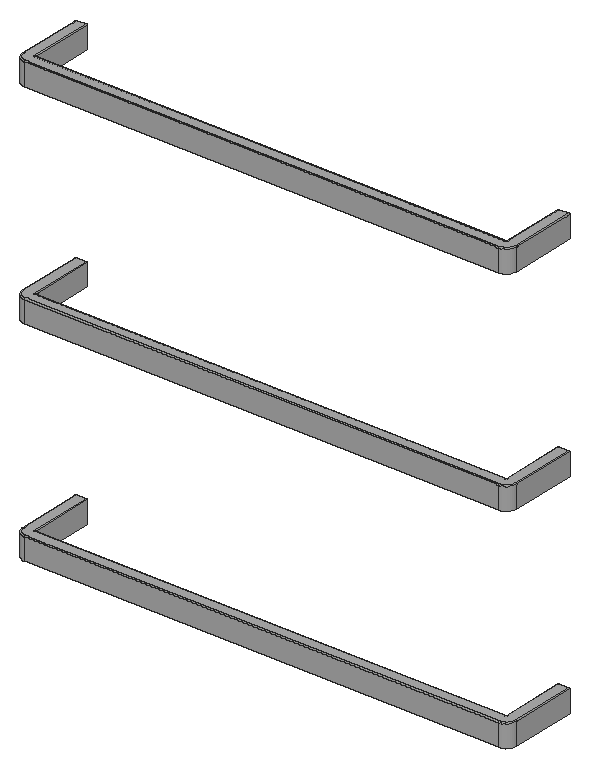
Revit family "Reece_Accessory_Mizu_Stream_Heated Towel Rail_Triple Pack", category Plumbing Fixtures, Revit 2018
Family settings
  Round Connector Dimension = Use Diameter
  Part Type = Normal
  Work Plane-Based = Yes
  Always vertical = Yes
  Cut with Voids When Loaded = Yes
  Shared = Yes
  Room Calculation Point = Yes
Parameters (values of type "650 mm x 100 mm_Brushed Stainless Steel")
  URL = "https://www.reece.com.au/product/-2007476"
  Type Comments = "Accessory"
  Reece_Product_Web Page = "https://www.reece.com.au/product/-2007476"
  Reece_Product_Type = "Accessory"  # constant formula
  Reece_Product_Sub Brand = "Stream"  # constant formula
  Reece_Product_Number = "2007476"
  Reece_Product_Mount = "Wall Mounted"
  Reece_Product_Description = "Mizu Stream Heated Towel Rail 650mm (Triple Pack) Brushed Stainless Steel"
  Reece_Product_Brand = "Mizu"  # constant formula
  Reece_Overall_Width = 650.0 mm
  Reece_Overall_Height = 30.0 mm  # constant formula
  Reece_Top_Rail_Fixing_Distance [instance] = if(Reece_Top_Rail_Offset < 25.0 mm, 25.0 mm, Reece_Top_Rail_Offset)  # 250.0 mm
  Reece_Height_From_Level [instance] = if(Reece_Bottom_Offset < 600.0 mm, 600.0 mm, Reece_Bottom_Offset)  # 600.0 mm
  Reece_Detail_Disclaimer = "THIS FILE IS THE PROPERTY OF THE REECE GROUP. IT MAY NOT BE REPRODUCED, REVERSE-ENGINEERED OR MODIFIED. ANY REPUBLICATION, TRANSMISSION OR DISTRIBUTION FOR THE PURPOSE OF COMMERCIALLY EXPLOITING THE FILES IS PROHIBITED."  # constant formula
  Reece_Bottom_Offset [instance] = 600.0 mm
  Reece_Middle_Rail_Fixing_Distance [instance] = if(Reece_Middle_Rail_Offset < 25.0 mm, 25.0 mm, Reece_Middle_Rail_Offset)  # 250.0 mm
  Reece_Material_Main = Reece_Metal_Brushed Stainless Steel
  Reece_Top_Rail_Offset [instance] = 250.0 mm
  Reece_Middle_Rail_Offset [instance] = 250.0 mm
  Reece_Detail_Installation = "Heated Towel Rail"  # constant formula
  Reece_Detail_Additional = "Triple Pack"  # constant formula
  Reece_Accessory_Projection = 100.0 mm  # constant formula
  Model = "Stream"
  Manufacturer = "Mizu"
  Keynote = "Product #2007476, Reece_Accessory_Mizu_Stream_Heated Towel Rail_Triple Pack - 650 mm x 100 mm_Brushed Stainless Steel"
  Disclaimer = "THIS FILE IS THE PROPERTY OF THE REECE GROUP. IT MAY NOT BE REPRODUCED, REVERSE-ENGINEERED OR MODIFIED. ANY REPUBLICATION, TRANSMISSION OR DISTRIBUTION FOR THE PURPOSE OF COMMERCIALLY EXPLOITING THE FILES IS PROHIBITED."  # constant formula
  Description = "Mizu Stream Heated Towel Rail 650mm (Triple Pack) Brushed Stainless Steel"
  Default Elevation = 0.0 mm
Types (6, lengths in mm): name | URL | Reece_Product_Web Page | Reece_Product_Number | Reece_Product_Description | Reece_Overall_Width | Reece_Material_Main | Keynote | Description
  650 mm x 100 mm_Brushed Stainless Steel | "https://www.reece.com.au/product/-2007476" | "https://www.reece.com.au/product/-2007476" | "2007476" | "Mizu Stream Heated Towel Rail 650mm (Triple Pack) Brushed Stainless Steel" | 650.0 | Reece_Metal_Brushed Stainless Steel | "Product #2007476, Reece_Accessory_Mizu_Stream_Heated Towel Rail_Triple Pack - 650 mm x 100 mm_Brushed Stainless Steel" | "Mizu Stream Heated Towel Rail 650mm (Triple Pack) Brushed Stainless Steel"
  650 mm x 100 mm_Matte Black | "https://www.reece.com.au/product/-2007478" | "https://www.reece.com.au/product/-2007478" | "2007478" | "Mizu Stream Heated Towel Rail 650mm (Triple Pack) Matte Black" | 650.0 | Reece_Metal_Stainless Steel_Matte Black | "Product #2007478, Reece_Accessory_Mizu_Stream_Heated Towel Rail_Triple Pack - 650 mm x 100 mm_Matte Black" | "Mizu Stream Heated Towel Rail 650mm (Triple Pack) Matte Black"
  650 mm x 100 mm_Polished Stainless Steel | "https://www.reece.com.au/product/-2007474" | "https://www.reece.com.au/product/-2007474" | "2007474" | "Mizu Stream Heated Towel Rail 650mm (Triple Pack) Polished Stainless Steel" | 650.0 | Reece_Metal_Stainless Steel_Polished | "Product #2007474, Reece_Accessory_Mizu_Stream_Heated Towel Rail_Triple Pack - 650 mm x 100 mm_Polished Stainless Steel" | "Mizu Stream Heated Towel Rail 650mm (Triple Pack) Polished Stainless Steel"
  850 mm x 100 mm_Brushed Stainless Steel | "https://www.reece.com.au/product/-2007477" | "https://www.reece.com.au/product/-2007477" | "2007477" | "Mizu Stream Heated Towel Rail 850mm (Triple Pack) Brushed Stainless Steel" | 850.0 | Reece_Metal_Brushed Stainless Steel | "Product #2007477, Reece_Accessory_Mizu_Stream_Heated Towel Rail_Triple Pack - 850 mm x 100 mm_Brushed Stainless Steel" | "Mizu Stream Heated Towel Rail 850mm (Triple Pack) Brushed Stainless Steel"
  850 mm x 100 mm_Matte Black | "https://www.reece.com.au/product/-2007479" | "https://www.reece.com.au/product/-2007479" | "2007479" | "Mizu Stream Heated Towel Rail 850mm (Triple Pack) Matte Black" | 850.0 | Reece_Metal_Stainless Steel_Matte Black | "Product #2007479, Reece_Accessory_Mizu_Stream_Heated Towel Rail_Triple Pack - 850 mm x 100 mm_Matte Black" | "Mizu Stream Heated Towel Rail 850mm (Triple Pack) Matte Black"
  850 mm x 100 mm_Polished Stainless Steel | "https://www.reece.com.au/product/-2007475" | "https://www.reece.com.au/product/-2007475" | "2007475" | "Mizu Stream Heated Towel Rail 850mm (Triple Pack) Polished Stainless Steel" | 850.0 | Reece_Metal_Stainless Steel_Polished | "Product #2007475, Reece_Accessory_Mizu_Stream_Heated Towel Rail_Triple Pack - 850 mm x 100 mm_Polished Stainless Steel" | "Mizu Stream Heated Towel Rail 850mm (Triple Pack) Polished Stainless Steel"
Reference planes
  plane 1 "Center (Front/Back)": y = 0
  plane 2 "Bottom Host Plane": z = -5
  plane 3 "Center (Left/Right)": x = 0
  plane 4 "Fixing Point": z = 615
  plane 5 "Edge 1": x = -325
  plane 6 "Edge 2": x = 325
  plane 7: y = -100
  plane 8: y = -13
  plane 9: y = -85
  plane 10: z = 630
  plane 11: z = 600
  plane 12 "Fixing Point 2": z = 880
  plane 13: z = 1160
  plane 14: z = 910
  plane 15: z = 1190
Lines and regions (mm)
  model lines, style "InvisibleLines"
    curve 1: line (0, 0, -5) -> (0, 0, 600)
Text (mm)
  text "Reece ©" at (2943.753, -2068.85, 3004.21), in view "Reece Preview"
  text "Reece Copyright © 2018, Reece Ltd." at (-676.791, -662.498, 0), in view "Ref. Level"
Dimensions and locks
  locked: plane 2 "Bottom Host Plane" to level at 5
  "Reece_Overall_Width": plane 5 "Edge 1" to plane 6 "Edge 2"
  plane 1 "Center (Front/Back)" to plane 7 = 100.0 mm
  equal spacing: plane 5 "Edge 1", plane 3 "Center (Left/Right)", plane 6 "Edge 2"
  plane 11 to plane 10 = 30.0 mm  (x2)
  plane 1 "Center (Front/Back)" to plane 8 = 13.0 mm  (x2)
  "Reece_Height_From_Level": plane 11 to level
  equal spacing: plane 11, plane 4 "Fixing Point", plane 10
  locked: plane 14 to plane 12 "Fixing Point 2" at 30
  plane 15 to plane 13 = 30.0 mm  (x3)
  plane 15 to level = 1190.0 mm
  "Reece_Middle_Rail_Fixing_Distance": plane 12 "Fixing Point 2" to plane 10
  "Reece_Top_Rail_Fixing_Distance": plane 13 to plane 14
  plane 12 "Fixing Point 2" to plane 14 = 30.0 mm
  plane 13 to plane 15 = 30.0 mm
  plane 14 to plane 12 "Fixing Point 2" = 30.0 mm  (x2)
  plane 10 to plane 12 "Fixing Point 2" = 250.0 mm  (x3)
  plane 13 to plane 14 = 250.0 mm  (x2)
  plane 11 to level = 600.0 mm
  "Reece_Accessory_Projection": plane 7 to plane 1 "Center (Front/Back)"
  plane 10 to plane 11 = 30.0 mm
  plane 6 "Edge 2" to plane 5 "Edge 1" = 650.0 mm  (x2)
  plane 14 to plane 13 = 250.0 mm
  plane 11 to plane 4 "Fixing Point" = 15.0 mm
  aligned and locked: plane 1 "Center (Front/Back)" to nested 1
  aligned and locked: plane 2 "Bottom Host Plane" to curve 1
  aligned and locked: plane 11 to curve 1
Automatic sketch dimensions
  curve 1 to plane 3 "Center (Left/Right)" = 0.0 mm
Nested families
  nested 1: "Reece_Accessory_Mizu_Stream_Heated Towel Rail_Single_Nested" at (0, 0, 615), Reece_Overall_Width <- "Reece_Overall_Width", Reece_Material_Main <- "Reece_Material_Main", type "Reece_Accessory_Mizu_Stream_Heated Towel Rail_Single_Nested"
    with Reece_Overall_Width 650.0 mm, Reece_Material_Main Reece_Metal_Brushed Stainless Steel
  nested 2: "Reece_Accessory_Mizu_Stream_Heated Towel Rail_Single_Nested" at (0, 0, 895), Reece_Overall_Width <- "Reece_Overall_Width", Reece_Material_Main <- "Reece_Material_Main", type "Reece_Accessory_Mizu_Stream_Heated Towel Rail_Single_Nested"
    with Reece_Overall_Width 650.0 mm, Reece_Material_Main Reece_Metal_Brushed Stainless Steel
  nested 3: "Reece_Accessory_Mizu_Stream_Heated Towel Rail_Single_Nested" at (0, 0, 1175), Reece_Overall_Width <- "Reece_Overall_Width", Reece_Material_Main <- "Reece_Material_Main", type "Reece_Accessory_Mizu_Stream_Heated Towel Rail_Single_Nested"
    with Reece_Overall_Width 650.0 mm, Reece_Material_Main Reece_Metal_Brushed Stainless Steel
Definition of nested family "Reece_Accessory_Mizu_Stream_Heated Towel Rail_Single_Nested"
  Parameters (values of type "Reece_Accessory_Mizu_Stream_Heated Towel Rail_Single_Nested")
    Waste Connection = no
    WFU = 0
    Vent Connection = no
    URL = ""
    Type Comments = ""
    Reece_Overall_Width [instance] = 650.0 mm
    Reece_Material_Main [instance] = none
    Model = ""
    Manufacturer = ""
    Keynote = ""
    HWFU = 0
    HW Connection = no
    Description = ""
    Default Elevation = 0.0 mm
    Cost = 0
    CWFU = 0
    CW Connection = no
    Assembly Code = ""
  Reference planes
    plane 1 "Center (Front/Back)": y = 0
    plane 2 "Bottom Host Plane": z = -5
    plane 3 "Center (Left/Right)": x = 0
    plane 4 "Fixing Point": z = 0
    plane 5 "Edge 1": x = -325
    plane 6 "Edge 2": x = 325
    plane 7: x = -310
    plane 8: x = 310
    plane 9: y = -100
    plane 10: y = -13
    plane 11: y = -85
    plane 12: x = -317.5
    plane 13: x = 317.5
    plane 14: z = 15
    plane 15: z = -15
  Forms (mm)
    Sweep 1, solid, material <- "Reece_Material_Main"
      path origin (0, 0, 0) x (0, -1, 0) y (1, 0, 0)
        loop
          line (0, -325) -> (87, -325)
          arc (87, -325) -> (96.192, -321.192) -> (100, -312) r 13
          line (100, -312) -> (100, 312)
          arc (100, 312) -> (96.192, 321.192) -> (87, 325) r 13
          line (87, 325) -> (0, 325)
      profile origin (-325, -43.5, 0) x (1, 0, 0) y (0, 0, 1)
        loop
          line (2, -15) -> (2, 15) -> (1, 15)
          arc (1, 15) -> (0.293, 14.707) -> (0, 14) r 1
          line (0, 14) -> (0, -15) -> (2, -15)
    Sweep 2, solid, material <- "Reece_Material_Main"
      path origin (0, 0, 0) x (0, -1, 0) y (1, 0, 0)
        loop
          line (0, -310) -> (85, -310) -> (85, 310) -> (0, 310)
      profile origin (-310, -42.5, 0) x (1, 0, 0) y (0, 0, 1)
        loop
          line (-2, -15) -> (0, -15) -> (0, 14)
          arc (0, 14) -> (-0.293, 14.707) -> (-1, 15) r 1
          line (-1, 15) -> (-2, 15) -> (-2, -15)
    Extrusion 3, solid, material <- "Reece_Material_Main"
      sketch origin (0, 0, 0) x (0, -1, 0) y (1, 0, 0)
        loop
          line (87, 312) -> (87, -312) -> (0, -312) -> (0, -323) -> (87, -323)
          arc (87, -323) -> (94.778, -319.778) -> (98, -312) r 11
          line (98, -312) -> (98, 312)
          arc (98, 312) -> (94.778, 319.778) -> (87, 323) r 11
          line (87, 323) -> (0, 323) -> (0, 312) -> (87, 312)
      from -15 to 15
    Extrusion 4, solid, material <- "Reece_Material_Main"
      sketch origin (633.784, 0.956, 0) x (0, -1, 0) y (1, 0, 0)
        loop
          circle (13.956, -316.284) r 2.5
      from -15.283 to -13.117
    Extrusion 5, void
      sketch origin (633.784, 0.956, 0) x (0, -1, 0) y (1, 0, 0)
        loop
          circle (13.956, -316.284) r 3
      from -15.283 to -13.117
    Extrusion 6, solid, material <- "Reece_Material_Main"
      sketch origin (-633.784, 0.956, 0) x (0, -1, 0) y (1, 0, 0)
        loop
          circle (13.956, 316.284) r 2.5
      from -15.283 to -13.117
    Extrusion 7, void
      sketch origin (-633.784, 0.956, 0) x (0, -1, 0) y (1, 0, 0)
        loop
          circle (13.956, 316.284) r 3
      from -15.283 to -14.792
    Extrusion 8, solid, material <- "Reece_Material_Main"
      sketch origin (-633.784, 0.956, 0) x (0, -1, 0) y (1, 0, 0)
        loop
          circle (13.956, 316.284) r 2.5
      from -15.283 to -13.117
  Cuts and joins
    Extrusion 7 cuts Sweep 1
    Extrusion 5, Extrusion 7 cuts Sweep 2
    Extrusion 7 cuts Extrusion 3
    Extrusion 7 cuts Extrusion 4
    joined: Sweep 1, Sweep 2, Extrusion 3, Extrusion 4, Extrusion 8
    Extrusion 7 cuts Extrusion 6
  Text (mm)
    text "Reece ©" at (2943.753, -2068.85, 3004.21), in view "Reece Preview"
    text "Reece Copyright © 2018, Reece Ltd." at (-2103.117, -1226.195, 0), in view "Ref. Level"
  Dimensions and locks
    Sweep 1 sketch curve to Sweep 1 sketch curve = 650.0 mm
    locked: Sweep 1 sketch curve to plane 5 "Edge 1" at 0
    locked: Sweep 1 sketch curve to plane 6 "Edge 2" at 0
    "Reece_Overall_Width": plane 6 "Edge 2" to plane 5 "Edge 1"
    equal spacing: plane 6 "Edge 2", plane 3 "Center (Left/Right)", plane 5 "Edge 1"
    plane 5 "Edge 1" to plane 12 to plane 7 = 7.5 mm locked, 7.5 mm locked
    plane 8 to plane 13 to plane 6 "Edge 2" = 7.5 mm locked, 7.5 mm locked
  Automatic sketch dimensions
    plane 1 "Center (Front/Back)" to Sweep 1 sketch curve = 0.0 mm  (x2)
    Sweep 1 sketch curve to plane 9 = 0.0 mm
    plane 8 to Sweep 1 sketch curve = 2.0 mm
    Sweep 1 sketch curve to plane 11 = 2.0 mm
    profile plane to Sweep 1 sketch curve = 0.0 mm
    Sweep 1 sketch curve to profile plane = 1.0 mm
    Sweep 1 sketch curve to Sweep 1 sketch curve = 1.0 mm
    plane 4 "Fixing Point" to Sweep 1 sketch curve = 15.0 mm
    Sweep 1 sketch curve to plane 4 "Fixing Point" = 14.0 mm
    plane 1 "Center (Front/Back)" to Sweep 2 sketch curve = 0.0 mm  (x2)
    Sweep 2 sketch curve to plane 8 = 0.0 mm
    Sweep 2 sketch curve to plane 11 = 0.0 mm
    Sweep 2 sketch curve to plane 7 = 0.0 mm
    profile plane to Sweep 2 sketch curve = 0.0 mm
    Sweep 2 sketch curve to Sweep 2 sketch curve = 1.0 mm
    Sweep 2 sketch curve to Sweep 2 sketch curve = 2.0 mm
    plane 4 "Fixing Point" to Sweep 2 sketch curve = 15.0 mm
    Sweep 2 sketch curve to plane 4 "Fixing Point" = 14.0 mm
    plane 1 "Center (Front/Back)" to Extrusion 3 sketch curve = 0.0 mm  (x2)
    Extrusion 3 sketch curve to plane 11 = 2.0 mm  (x3)
    plane 9 to Extrusion 3 sketch curve = 2.0 mm
    plane 5 "Edge 1" to Extrusion 3 sketch curve = 2.0 mm
    Extrusion 3 sketch curve to Extrusion 3 sketch curve = 0.0 mm
    plane 8 to Extrusion 3 sketch curve = 2.0 mm  (x2)
    Extrusion 4 sketch curve to plane 10 = 0.0 mm
    Extrusion 4 sketch curve to plane 13 = 0.0 mm
    Extrusion 5 sketch curve to plane 10 = 0.0 mm
    Extrusion 5 sketch curve to plane 13 = 0.0 mm
    Extrusion 6 sketch curve to plane 10 = 0.0 mm
    Extrusion 6 sketch curve to plane 12 = 0.0 mm
    Extrusion 7 sketch curve to plane 10 = 0.0 mm
    Extrusion 7 sketch curve to plane 12 = 0.0 mm
    Extrusion 8 sketch curve to plane 10 = 0.0 mm
    Extrusion 8 sketch curve to plane 12 = 0.0 mm
    radius of Extrusion 4 sketch curve = 2.5 mm
    radius of Extrusion 5 sketch curve = 3.0 mm
    radius of Extrusion 6 sketch curve = 2.5 mm
    radius of Extrusion 7 sketch curve = 3.0 mm
    radius of Extrusion 8 sketch curve = 2.5 mm
